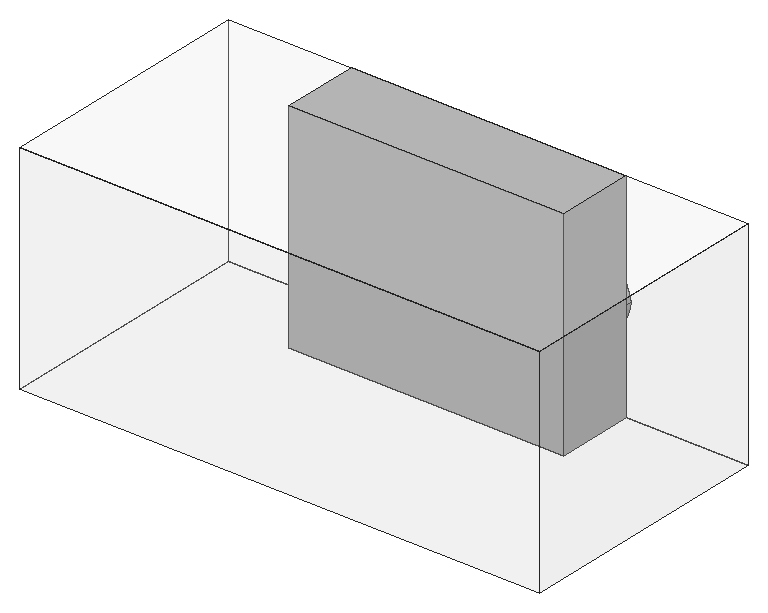
Revit family "scf-40_50lx_ls2_50Hz", category 機械設備, Revit 2019
Family settings
  丸型コネクタ寸法 = 直径を使用
  パーツ タイプ = 標準
  OmniClass 番号 = 23.75.10.34.21
  OmniClass タイトル = Heat Exchangers for Ventilation Air
  作業面ベース = いいえ
  常に垂直 = はい
  ロード時にボイドで切り取り = いいえ
  共有 = いいえ
  部屋計算ポイント = はい
Parameters (values of type "SCF-40LS2")
  騒音レベル(dB(A)) = 39.5
  風量 = 400.0 m³/h
  面風速 = 3.54 m/s
  電源種別 [instance] = "一般"
  電圧 = 100 V
  電動機出力 = 0 W
  集中コントローラ = ""
  運転質量 = 0.00 kg
  連動 [instance] = ""
  質量 = if(製品質量 > 運転質量, 製品質量, 運転質量) * 1.2  # 32.40 kg
  負荷分類 = 3_ファン類
  説明 = "学校用ロスナイ 床置形 スタンダードタイプ"
  設計風量 = 0.0 m³/h
  設置方法 = "床置形"
  記号 [instance] = ""
  製造元 = "三菱電機株式会社"
  製品質量 = 27.00 kg
  製品出荷対象 = "国内"
  製品リリース年月 = "2007/7/1"
  製品グループ = ""
  系統 [instance] = ""
  符号 = "HEU"
  積算_科目 = "1 空気調和設備"
  積算_拾い区分 [instance] = ""
  相 = 1
  盤記号 [instance] = ""
  発停方法 [instance] = "別売リモコン"
  特殊仕様 [instance] = ""
  火災停止 [instance] = ""
  温度交換効率 = 60.00%
  消費電力 = 129 W
  法定耐用年数 = "15"
  機外静圧_排気 = 40.0 Pa
  機外静圧 = 40.0 Pa
  極数 = 2
  材質 [instance] = ""
  本体マテリアル = none
  操作・制御方式 = ""
  操作・制御スイッチ = ""
  排気量 = 0.0 m³/h
  形式 = "床置形"
  幹線記号 [instance] = ""
  対象室 [instance] = ""
  実風量 = 0.0 m³/h
  始動方式 [instance] = "直入"
  外気量 = 0.0 m³/h
  呼称 = "全熱交換ユニット"
  周波数 = 50 Hz
  取付金具ピッチ1 = 845 mm
  取付金具_高さ = 580 mm
  参照している仕様書等のバージョン = ""
  初期抵抗 = 0.0 Pa
  分類コード = "50052504100050"
  分類グループ = ""
  価格 = 226000
  企業コード = "108420"
  付属品_フィルター_還気 = ""
  付属品_フィルター = ""
  付属品 [instance] = ""
  仕様書バージョン = "Version1.0"
  モデル = "SCF-40LS2"
  メンテナンススペース = yes
  コメント [instance] = ""
  Keynote = ""
  エンタルピ交換効率_暖房 = 45.00%
  エンタルピ交換効率_冷房 = 40.00%
  Assembly Code = ""
  Width = 900 mm
  Version = ""
  Uniclass2015Version = "Systems v1.9"
  Uniclass2015Title = "Thermal wheels"
  Uniclass2015Code = "Pr_60_60_36_88"
  URL = "https://www.mitsubishielectric.co.jp/ldg/wink/ssl/displayProduct.do?pid=161516"
  SpecificationReference = ""
  SpecificationDescription = ""
  Duct_W = 300 mm
  SAサイズ_D = 0 mm
  Revision = ""
  RAサイズ_D = 0 mm
  ProductInformation = ""
  OmniClassCode = "23-27 23 19 11"
  OAサイズ_W = 0 mm
  OAサイズ_D = 192 mm
  MIN風量 = 200.0 m³/h
  MIN静圧 = 10.0 Pa
  MAX風量 = 400.0 m³/h
  MAX静圧 = 40.0 Pa
  IfcTypeProduct = ""
  IfcProduct = ""
  IfcExportType = "ROTARYWHEEL"
  IfcExportAs = "IfcAirToAirHeatRecoveryType"
  Height = 710 mm
  EAサイズ_W = 0 mm
  EAサイズ_D = 192 mm
  Duct_Pitch = 600 mm
  Duct_Height = 280 mm
  Duct_Depth = 85 mm
  Depth = 255 mm
  Clearance Top = 0 mm
  Clearance Left = 400 mm
  Clearance Right = 400 mm
  Clearance Front = 600 mm
  Clearance Bottom = 0 mm
  Author = "三菱電機株式会社"
Types (4, lengths in mm): name | 騒音レベル(dB(A)) | 風量 | 面風速 | 質量 | 説明 | 製品質量 | 製品リリース年月 | 温度交換効率 | 消費電力 | 機外静圧_排気 | 機外静圧 | 取付金具_高さ | 価格 | モデル | エンタルピ交換効率_暖房 | エンタルピ交換効率_冷房 | URL | Duct_W | MIN風量 | MIN静圧 | MAX風量 | MAX静圧 | Height | Depth
  SCF-40LX | 39.5 | 400.0 m³/h | 3.54 m/s | 33.60 kg | "学校用ロスナイ 床置形 フリープランタイプ" | 28.00 kg | "2019/3/1" | 60.00% | 129 W | 40.0 Pa | 40.0 Pa | 580 | 279000 | "SCF-40LX" | 45.00% | 40.00% | "https://www.mitsubishielectric.co.jp/ldg/wink/ssl/displayProduct.do?pid=297464" | 300 | 200.0 m³/h | 10.0 Pa | 400.0 m³/h | 40.0 Pa | 710 | 255
  SCF-50LX | 43 | 500.0 m³/h | 4.42 m/s | 44.40 kg | "学校用ロスナイ 床置形 フリープランタイプ" | 37.00 kg | "2019/3/1" | 61.00% | 185 W | 60.0 Pa | 60.0 Pa | 485 | 334000 | "SCF-50LX" | 48.00% | 43.00% | "https://www.mitsubishielectric.co.jp/ldg/wink/ssl/displayProduct.do?pid=297467" | 275 | 300.0 m³/h | 22.0 Pa | 500.0 m³/h | 60.0 Pa | 860 | 295
  SCF-40LS2 | 39.5 | 400.0 m³/h | 3.54 m/s | 32.40 kg | "学校用ロスナイ 床置形 スタンダードタイプ" | 27.00 kg | "2007/7/1" | 60.00% | 129 W | 40.0 Pa | 40.0 Pa | 580 | 226000 | "SCF-40LS2" | 45.00% | 40.00% | "https://www.mitsubishielectric.co.jp/ldg/wink/ssl/displayProduct.do?pid=161516" | 300 | 200.0 m³/h | 10.0 Pa | 400.0 m³/h | 40.0 Pa | 710 | 255
  SCF-50LS2 | 43 | 500.0 m³/h | 4.42 m/s | 42.00 kg | "学校用ロスナイ 床置形 スタンダードタイプ" | 35.00 kg | "2007/7/1" | 61.00% | 185 W | 60.0 Pa | 60.0 Pa | 485 | 281000 | "SCF-50LS2" | 48.00% | 43.00% | "https://www.mitsubishielectric.co.jp/ldg/wink/ssl/displayProduct.do?pid=161517" | 275 | 300.0 m³/h | 22.0 Pa | 500.0 m³/h | 60.0 Pa | 860 | 295
Reference planes
  plane 1 "中心(正面/背面)": y = 0
  plane 2: z = 0
  plane 3 "中心(左/右)": x = 0
  plane 4: x = -450
  plane 5: x = 450
  plane 6: y = -255
  plane 7: z = 710
  plane 8: z = 280
  plane 9: x = -300
  plane 10: x = 300
  plane 11: x = -850
  plane 12: x = -422.5
  plane 13: x = 422.5
  plane 14: y = 85
  plane 15: x = 850
  plane 16: z = 710
  plane 17: y = -127.5
  plane 18: z = 580
  plane 19: x = 422.5
  plane 20: x = -422.5
  plane 21: x = -422.5
  plane 22: x = 422.5
  plane 23: y = -855
  plane 24: z = 0
Forms (mm)
  Extrusion 1, solid, material <- "本体マテリアル", detail levels fine
    sketch origin (0, 0, 0) x (1, 0, 0) y (0, 1, 0)
      loop
        line (-450, 0) -> (-450, -255) -> (450, -255) -> (450, 0) -> (-450, 0)
    from 0 to 710
  Extrusion 2, solid, material <- "本体マテリアル", detail levels fine
    sketch origin (510, -445, 0) x (-1, 0, 0) y (0, 0, -1)
      loop
        circle (210, -280) r 96
    from -445 to -530
  Extrusion 3, solid, material <- "本体マテリアル", detail levels fine
    sketch origin (-510, -445, 0) x (1, 0, 0) y (0, 0, 1)
      loop
        circle (210, 280) r 96
    from -445 to -530
Lines and regions (mm)
  Masking region 1, detail levels coarse+medium
    outline origin (1326.5, 29, 0) x (1, 0, 0) y (0, 1, 0)
      loop
        line (-1776.5, -29) -> (-1776.5, -284) -> (-876.5, -284) -> (-876.5, -29) -> (-1776.5, -29)
  symbolic lines, detail levels coarse+medium
    curve 1: line (0, 0, 0) -> (-450, -127.5, 0)
    curve 2: line (-450, -127.5, 0) -> (0, -255, 0)
    curve 3: line (0, -255, 0) -> (450, -127.5, 0)
    curve 4: line (450, -127.5, 0) -> (0, 0, 0)
Dimensions and locks
  equal spacing: plane 4, plane 3 "中心(左/右)", plane 5
  "Width": plane 4 to plane 5
  "Duct_Pitch": plane 10 to plane 9
  "Clearance Left": plane 11 to plane 4
  "Clearance Right": plane 5 to plane 15
  "Duct_W": plane 10 to plane 3 "中心(左/右)"
  "Duct_Height": plane 8 to level
  "Height": plane 7 to level
  "Depth": plane 1 "中心(正面/背面)" to plane 6
  equal spacing: plane 1 "中心(正面/背面)", plane 17, plane 6
  "Duct_Depth": plane 1 "中心(正面/背面)" to plane 14
  "取付金具_高さ": level to plane 18
  equal spacing: plane 20, plane 3 "中心(左/右)", plane 19
  equal spacing: plane 21, plane 3 "中心(左/右)", plane 22
  "取付金具ピッチ1": plane 21 to plane 22
  "Clearance Front": plane 6 to plane 23
  "Clearance Top": plane 16 to plane 7
  "Clearance Bottom": level to plane 24
  "OAサイズ_D": diameter of Extrusion 2 sketch curve
  "EAサイズ_D": diameter of Extrusion 3 sketch curve
  aligned and locked: level to plane 2
  aligned and locked: Extrusion 1 to plane 7
  aligned and locked: Masking region 1 to plane 4
  aligned and locked: plane 5 to Masking region 1
  aligned and locked: Masking region 1 to plane 6
  aligned and locked: Extrusion 3 to plane 14
  aligned and locked: Extrusion 2 to Extrusion 3
  aligned and locked: Masking region 1 to plane 1 "中心(正面/背面)"
  aligned and locked: Extrusion 1 to plane 1 "中心(正面/背面)"
  aligned and locked: plane 1 "中心(正面/背面)" to Extrusion 2
  aligned and locked: plane 1 "中心(正面/背面)" to Extrusion 3
  aligned and locked: plane 15 to nested 1
  aligned and locked: plane 11 to nested 1
  aligned and locked: plane 1 "中心(正面/背面)" to nested 1
  aligned and locked: plane 9 to nested 2
  aligned and locked: plane 13 to nested 2
  aligned and locked: plane 1 "中心(正面/背面)" to nested 2
  aligned and locked: nested 2 to plane 1 "中心(正面/背面)"
  aligned and locked: nested 1 to plane 23
  aligned and locked: plane 16 to nested 1
  aligned and locked: nested 1 to plane 24
Automatic sketch dimensions
  Extrusion 1 sketch curve to plane 4 = 0 mm
  Extrusion 1 sketch curve to plane 5 = 0 mm
  Extrusion 1 sketch curve to plane 6 = 0 mm
  Extrusion 2 sketch curve to plane 8 = 0 mm
  Extrusion 2 sketch curve to plane 10 = 0 mm
  Masking region 1 sketch curve to plane 4 = 0 mm
  Masking region 1 sketch curve to plane 5 = 0 mm
  Masking region 1 sketch curve to plane 6 = 0 mm
  Extrusion 3 sketch curve to plane 8 = 0 mm
  Extrusion 3 sketch curve to plane 9 = 0 mm
  curve 1 to plane 4 = 0 mm
  curve 2 to plane 3 "中心(左/右)" = 0 mm
  plane 1 "中心(正面/背面)" to curve 4 = 0 mm
  curve 4 to plane 3 "中心(左/右)" = 0 mm
  curve 4 to plane 5 = 0 mm
  curve 2 to plane 6 = 0 mm
  curve 2 to plane 17 = 0 mm
  curve 3 to plane 17 = 0 mm
  plane 1 "中心(正面/背面)" to Extrusion 1 sketch curve = 0 mm
  plane 1 "中心(正面/背面)" to Masking region 1 sketch curve = 0 mm
Nested families
  nested 1: "メンテナンススペース" at (0, -427.5, 355), visible <- "メンテナンススペース", type "メンテナンススペース"
    with Width 1700 mm, Height 710 mm, Depth 855 mm
  nested 2: "固定点" at (-300, 0, 0), type "固定点"
    with W 722.5 mm, D 0 mm
Connectors
  hvac at (300, 85, 280), driven by "OAサイズ_D", driven by "機外静圧", driven by "風量"
    settings: on Extrusion 2, index 2, duct flow 400.0 m³/h, flow factor 0, pres drop 40.0 Pa, loss coef 0, conn angle 0.00°, conn width 304.8 mm, conn height 304.8 mm, conn diameter 192 mm, duct sys type 4, conn prof type 0, flow config 0, flow direction 1, loss method 4, conn ref index -1, conn util no, is conn primary yes, conn desc ""
  hvac at (-300, 85, 280), driven by "EAサイズ_D", driven by "風量", driven by "機外静圧"
    settings: on Extrusion 3, index 10, duct flow 400.0 m³/h, flow factor 0, pres drop 40.0 Pa, loss coef 0, conn angle 0.00°, conn width 304.8 mm, conn height 304.8 mm, conn diameter 192 mm, duct sys type 3, conn prof type 0, flow config 0, flow direction 2, loss method 4, conn ref index -1, conn util no, is conn primary no, conn desc ""
  electrical at (0, 0, 355), driven by "極数", driven by "負荷分類", driven by "電圧", driven by "消費電力"
    settings: on Extrusion 1, index 13, voltage 100 V, apparent load 129 VA, apparent load phase1 0 VA, apparent load phase2 0 VA, apparent load phase3 0 VA, power factor 1, load classification "3_ファン類", number of poles 2, system type 30, power factor state 1, is connector primary yes, connector utility no, sub classification motor no, connector description ""
Definition of nested family "メンテナンススペース"
  Parameters (values of type "メンテナンススペース")
    Width [instance] = 500 mm
    Height [instance] = 500 mm
    Depth [instance] = 500 mm
  Reference planes
    plane 1 "中心(正面/背面)": y = 0
    plane 2: z = 0
    plane 3 "中心(左/右)": x = 0
    plane 4: y = -250
    plane 5: x = 250
    plane 6: y = 250
    plane 7: x = -250
    plane 8: z = 250
    plane 9: z = -250
  Forms (mm)
    Extrusion 1, solid
      sketch origin (-638.939, 0, 72.39) x (1, 0, 0) y (0, 1, 0)
        loop
          line (388.939, 250) -> (388.939, -250) -> (888.939, -250) -> (888.939, 250) -> (388.939, 250)
      from -322.39 to 177.61
  Lines and regions (mm)
    symbolic lines
      curve 1: line (-250, 0, 250) -> (250, 0, 250)
      curve 2: line (-250, 0, -250) -> (-250, 0, 250)
      curve 3: line (250, 0, -250) -> (-250, 0, -250)
      curve 4: line (250, 0, 250) -> (250, 0, -250)
      curve 5: line (0, -250, 250) -> (0, 250, 250)
      curve 6: line (0, -250, -250) -> (0, -250, 250)
      curve 7: line (0, 250, -250) -> (0, -250, -250)
      curve 8: line (0, 250, 250) -> (0, 250, -250)
      curve 9: line (-250, 250, 0) -> (250, 250, 0)
      curve 10: line (-250, -250, 0) -> (-250, 250, 0)
      curve 11: line (250, -250, 0) -> (-250, -250, 0)
      curve 12: line (250, 250, 0) -> (250, -250, 0)
  Dimensions and locks
    equal spacing: plane 7, plane 3 "中心(左/右)", plane 5
    equal spacing: plane 4, plane 1 "中心(正面/背面)", plane 6
    "Depth": plane 4 to plane 6
    "Width": plane 7 to plane 5
    equal spacing: plane 8, plane 2, plane 9
    "Height": plane 8 to plane 9
    aligned and locked: plane 9 to curve 3
    aligned and locked: plane 7 to curve 2
    aligned and locked: curve 4 to plane 5
    aligned and locked: plane 5 to Extrusion 1
    aligned and locked: Extrusion 1 to plane 7
    aligned and locked: Extrusion 1 to plane 9
    aligned and locked: plane 8 to Extrusion 1
    aligned and locked: plane 9 to curve 7
  Automatic sketch dimensions
    plane 4 to Extrusion 1 sketch curve = 0 mm
    Extrusion 1 sketch curve to plane 7 = 0 mm
    Extrusion 1 sketch curve to plane 5 = 0 mm
    plane 6 to Extrusion 1 sketch curve = 0 mm
    curve 2 to plane 8 = 0 mm
    plane 4 to curve 11 = 0 mm
    curve 11 to plane 7 = 0 mm
    curve 11 to plane 5 = 0 mm
    plane 6 to curve 10 = 0 mm
    curve 7 to plane 4 = 0 mm
    curve 7 to plane 6 = 0 mm
    curve 6 to plane 8 = 0 mm
Definition of nested family "固定点"
  Parameters (values of type "固定点")
    中心円 = 20 mm
    W [instance] = 1000 mm
    D [instance] = 1000 mm
  Reference planes
    plane 1 "中心(正面/背面)": y = 0
    plane 2: z = 0
    plane 3 "中心(左/右)": x = 0
    plane 4: x = 1000
    plane 5: y = 1000
  Lines and regions (mm)
    symbolic lines, detail levels fine
      curve 1: circle (0, 1000, 0) r 10 normal (0, 0, 1)
      curve 2: circle (0, 0, 0) r 10 normal (0, 0, 1)
      curve 3: circle (1000, 1000, 0) r 10 normal (0, 0, 1)
      curve 4: circle (1000, 0, 0) r 10 normal (0, 0, 1)
      curve 5: line (-200, 1000, 0) -> (1200, 1000, 0)
      curve 6: line (-200, 0, 0) -> (1200, 0, 0)
      curve 7: line (0, 1200, 0) -> (0, -200, 0)
      curve 8: line (1000, 1200, 0) -> (1000, -200, 0)
  Dimensions and locks
    "W": plane 3 "中心(左/右)" to plane 4
    "D": plane 1 "中心(正面/背面)" to plane 5
    "中心円": diameter of curve 1
    "中心円": diameter of curve 2
    "中心円": diameter of curve 3
    "中心円": diameter of curve 4
    aligned and locked: level to plane 2
    aligned and locked: plane 5 to curve 1
    aligned and locked: plane 3 "中心(左/右)" to curve 1
    aligned and locked: plane 3 "中心(左/右)" to curve 2
    aligned and locked: plane 1 "中心(正面/背面)" to curve 2
    aligned and locked: plane 4 to curve 3
    aligned and locked: plane 5 to curve 3
    aligned and locked: plane 1 "中心(正面/背面)" to curve 4
    aligned and locked: plane 4 to curve 4
    aligned and locked: plane 1 "中心(正面/背面)" to curve 6
    aligned and locked: curve 7 to plane 3 "中心(左/右)"
    aligned and locked: curve 8 to plane 4
  Automatic sketch dimensions
    curve 5 to plane 5 = 0 mm
    curve 6 to plane 3 "中心(左/右)" = 200 mm
    curve 5 to plane 3 "中心(左/右)" = 200 mm
    curve 4 to curve 6 = 200 mm
    curve 3 to curve 5 = 200 mm
    plane 1 "中心(正面/背面)" to curve 8 = 200 mm
    plane 1 "中心(正面/背面)" to curve 7 = 200 mm
    curve 3 to curve 8 = 200 mm
    curve 1 to curve 7 = 200 mm
